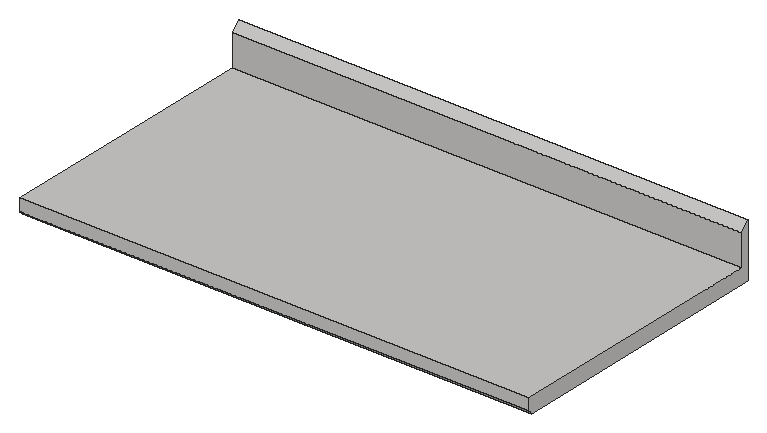
Revit family "QF_ELECTROLUXPROFESSIONAL_121139_TPLA13A", category Attrezzature speciali, Revit 2020
Family settings
  Quota connettore circolare = Usa diametro
  Tipo di parte = Normale
  Basato su piano di lavoro = No
  Sempre verticale = Sì
  Taglio con vuoti quando caricato = No
  Condiviso = No
  Punto di calcolo locali = No
Parameters (values of type "Standard")
  Weight = 44.00 kg
  Watts = 0 W
  Volts = 0 V
  URL Manufacturer = "https://www.electroluxprofessional.com/"
  URL = "https://www.electroluxprofessional.com/"
  Steam Supply Size = 0 mm
  Steam Supply Minimum Pressure = 0.0 Pa
  Steam Supply Maximum Pressure = 0.0 Pa
  Steam Consumption per Hour = 0
  Refrigeration Suction Line Size = 0.0 mm
  Refrigeration Liquid Line Size = 0.0 mm
  Refrigerant Compressor Remote = yes
  Prospetto di default = 0.0 mm
  Phase = 0
  Modello = "TPLA13A"
  Produttore = "Electrolux Professional"
  Length Actual = 1300.0 mm  # constant formula
  Item Number = "121139"
  Hot Water Size = 0 mm
  Height Actual = 140.0 mm  # constant formula
  HP = "0 HP"
  Gas Size = 0 mm
  Gas KW = 0
  Gas Input Pressure = 0 W
  Direct Waste Size = 0 mm
  Descrizione = "WORK TOP WITH UPSTAND 1300MM"
  Depth Actual = 700.0 mm  # constant formula
  Cycle = 0 Hz
  Condensate Return Size = 0 mm
  Compressed Air Volume = 0.0 L/s
  Compressed Air Size = 0 mm
  Compressed Air Pressure = 0.0 Pa
  Cold Water Size = 0 mm
  Accessory = yes
Reference planes
  plane 1 "Center (Front/Back)": y = 0
  plane 2: z = 0
  plane 3 "Center (Left/Right)": x = -150
  plane 4 "LEFT": x = -800
  plane 5 "RIGHT": x = 500
  plane 6 "BACK": y = 350
  plane 7 "FRONT": y = -350
  plane 8 "TOP": z = 1000
  plane 9: z = 900
  plane 10: z = 860
Forms (mm)
  Extrusion 1, solid, material "QF_Finishes_Stainless Steel"
    sketch origin (-150, 0, 0) x (0, 1, 0) y (0, 0, 1)
      loop
        line (350, 1000) -> (330, 980) -> (330, 900) -> (-350, 900) -> (-350, 870) -> (-340, 860) -> (350, 860) -> (350, 1000)
    from 650 to -650
Lines and regions (mm)
  symbolic lines
    curve 1: line (500, 350, 1000) -> (-800, 350, 1000)
    curve 2: line (-800, 350, 1000) -> (-800, -350, 1000)
    curve 3: line (-800, -350, 1000) -> (500, -350, 1000)
    curve 4: line (500, -350, 1000) -> (500, 350, 1000)
    curve 5: line (-800, 330, 1000) -> (500, 330, 1000)
Dimensions and locks
  plane 4 "LEFT" to plane 5 "RIGHT" = 1300.0 mm
  equal spacing: plane 4 "LEFT", plane 3 "Center (Left/Right)", plane 5 "RIGHT"
  plane 6 "BACK" to plane 7 "FRONT" = 700.0 mm
  equal spacing: plane 6 "BACK", plane 1 "Center (Front/Back)", plane 7 "FRONT"
  locked: plane 8 "TOP" to plane 9 at 100
  locked: plane 6 "BACK" to Extrusion 1 sketch curve at 20
  plane 10 to level = 860.0 mm
  plane 8 "TOP" to plane 10 = 140.0 mm
  aligned and locked: level to plane 2
  aligned and locked: Extrusion 1 to plane 4 "LEFT"
  aligned and locked: plane 5 "RIGHT" to Extrusion 1
  aligned and locked: curve 2 to plane 4 "LEFT"
  aligned and locked: Extrusion 1 sketch curve to plane 9
  aligned and locked: Extrusion 1 sketch curve to plane 6 "BACK"
  aligned and locked: plane 7 "FRONT" to Extrusion 1 sketch curve
  aligned and locked: plane 10 to Extrusion 1 sketch curve
Automatic sketch dimensions
  curve 3 to plane 7 "FRONT" = 0.0 mm
  curve 4 to plane 5 "RIGHT" = 0.0 mm
  curve 4 to plane 6 "BACK" = 0.0 mm
  curve 5 to plane 6 "BACK" = 20.0 mm
  Extrusion 1 sketch curve to plane 8 "TOP" = 0.0 mm
  Extrusion 1 sketch curve to plane 8 "TOP" = 20.0 mm
  plane 7 "FRONT" to Extrusion 1 sketch curve = 10.0 mm
  level to Extrusion 1 sketch curve = 870.0 mm
